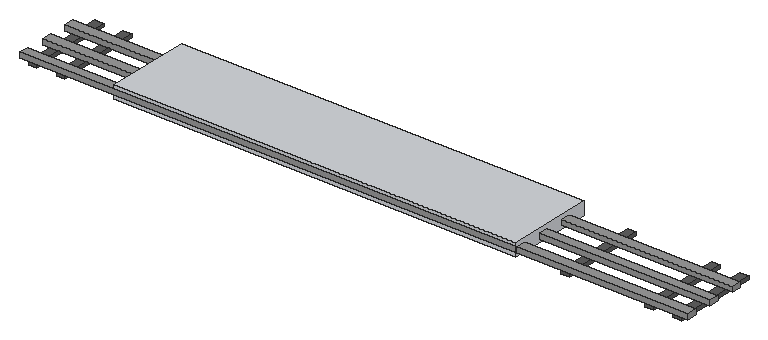
Revit family "2112-3, Veneer", category Generic Models, host Face, Revit 2020
Family settings
  Host = Face
  Can host rebar = No
  Round Connector Dimension = Use Diameter
  Part Type = Normal
  Cut with Voids When Loaded = No
  Shared = No
  Room Calculation Point = No
Parameters
  min_value [instance] = 1' - 11 1/4"  # constant formula
  max_value [instance] = 9' - 11 1/4"  # constant formula
  actual_value [instance] = if(NET LENGTH < min_value, min_value, if(NET LENGTH > max_value, max_value, NET LENGTH))  # 7' - 11 1/4"
  NET LENGTH [instance] = 7' - 11 1/4"
  Default Elevation = 4' - 0"
  BACKER MATERIAL [instance] = BLACK-BACKERS
  .. MEMBER WIDTH [instance] = 0' - 1 3/8"  # constant formula
  .. MEMBER MATERIAL [instance] = Veneer Cherry
  .. MEMBER LENGTH [instance] = actual_value  # 7' - 11 1/4"
  .. MEMBER DEPTH [instance] = 0' - 0 3/4"  # constant formula
  .. MEMBER COUNT [instance] = 3  # constant formula
  IMPORTANT NOTE!!!                                                                             *Backer layout is for visualization purposes only, final layout to be determined by 9Wood. [instance] = ""
Reference planes (in)
  plane 1 "Center (Front/Back)": y = 0
  plane 2: z = 1.82209
  plane 3 "Center (Left/Right)": x = 0
Forms (in)
  Extrusion 1, solid
    sketch origin (132, -33.80483, 0) x (1, 0, 0) y (0, 1, 0)
      loop
        line (-118.625, 33.80483) -> (-61.26146, 33.80483) -> (-61.26146, 45.86733) -> (-118.625, 45.86733) -> (-118.625, 33.80483)
    from 1.82209 to 0
Dimensions and locks (in)
  aligned and locked: Extrusion 1 to plane 2
  aligned and locked: plane 3 "Center (Left/Right)" to nested 1
Nested families (in)
  nested 1: "1100 SERIES CONFIG" at (0, 2, 0), .. MEMBER DEPTH <- ".. MEMBER DEPTH", .. MEMBER LENGTH <- ".. MEMBER LENGTH", .. MEMBER WIDTH <- ".. MEMBER WIDTH", .. MEMBER MATERIAL <- ".. MEMBER MATERIAL", BACKING M MATERIAL <- "BACKER MATERIAL", .. MEMBER COUNT <- ".. MEMBER COUNT", type "1100 SERIES CONFIG"
    with X 7' - 8", SCRIM OVERHANG 2 0' - 0 3/32", SCRIM OVERHANG 0' - 0 7/8", SCRIM LENGTH 8' - 1", SCRIM  MATERIAL SCRIM, SCRIM no, NOMINAL LENGTH 7, N 8, Inset 6' - 0 3/8", INSET 0' - 1", INDEX 0' - 5 5/8", HALF MEMBER WIDTH 0' - 0 11/16", HALF LENGTH 3' - 11 5/8", END BACKER yes, BACKING M WIDTH 0' - 1 1/4", BACKING M OC SPACING 1' - 0", BACKING M MATERIAL BLACK-BACKERS, BACKING M LENGTH 0' - 11 7/8", BACKING M DEPTH 0' - 0 1/2", BACKING M COUNT 8, 3/16" INSET 0' - 0 3/16", .. MEMBER WIDTH 0' - 1 3/8", .. MEMBER OC SPACING 0' - 4", .. MEMBER MATERIAL Veneer Cherry, .. MEMBER LENGTH 7' - 11 1/4", .. MEMBER DEPTH 0' - 0 3/4", .. MEMBER COUNT 3
Definition of nested family "1100 SERIES CONFIG"
  Parameters (values of type "1100 SERIES CONFIG")
    X [instance] = .. MEMBER LENGTH - 0' 3 1/4"  # 5' - 5"
    SCRIM OVERHANG 2 [instance] = 0' - 0 3/32"  # constant formula
    SCRIM OVERHANG [instance] = 0' - 0 7/8"  # constant formula
    SCRIM LENGTH [instance] = .. MEMBER LENGTH + (SCRIM OVERHANG * 2)  # 5' - 10"
    SCRIM  MATERIAL [instance] = none
    SCRIM [instance] = yes
    NOMINAL LENGTH [instance] = 7
    N [instance] = if((X - (rounddown(X / 1' 0") * 1' 0")) > 1' 0", rounddown(X / 1' 0") + 2, rounddown(X / 1' 0") + 1)  # 6
    Inset [instance] = 6' - 0 3/8"  # constant formula
    INSET [instance] = 0' - 1"  # constant formula
    END BACKER [instance] = INDEX > 0' 3 5/8"  # yes
    INDEX [instance] = (.. MEMBER LENGTH - ((N - 1) * 1' 0")) / 2  # 0' - 4 1/8"
    HALF MEMBER WIDTH [instance] = .. MEMBER WIDTH / 2  # 0' - 0 5/16"
    HALF LENGTH [instance] = .. MEMBER LENGTH / 2  # 2' - 10 1/8"
    Default Elevation = 0' - 0"
    BACKING M WIDTH [instance] = 0' - 1 1/4"
    BACKING M SPACING = 3' - 3"
    BACKING M MATERIAL [instance] = none
    BACKING M LENGTH [instance] = 0' - 11 7/8"
    BACKING M DEPTH [instance] = 0' - 0 1/2"
    BACKING M COUNT [instance] = N  # 6
    BACKING M OC SPACING [instance] = 1' - 0"  # constant formula
    3/16" INSET [instance] = 0' - 0 3/16"  # constant formula
    .. MEMBER WIDTH [instance] = 0' - 0 5/8"
    .. MEMBER OC SPACING [instance] = 1' 0" / .. MEMBER COUNT  # 0' - 4"
    .. MEMBER MATERIAL [instance] = none
    .. MEMBER LENGTH [instance] = 5' - 8 1/4"
    .. MEMBER DEPTH [instance] = 0' - 1 3/8"
    .. MEMBER COUNT [instance] = 3
  Reference planes (in)
    plane 1 "Center (Front/Back)": y = -2
    plane 2: z = 0
    plane 3 "Center (Left/Right)": x = 0
    plane 4: x = 1
    plane 5: x = 4.125
    plane 6: x = 34.125
    plane 7: x = 68.25
    plane 8: x = 67.25
    plane 9: x = 16.125
    plane 10: y = -1.8125
    plane 11: y = -1.6875
    plane 12: y = 2.3125
    plane 13: x = 69.125
    plane 14: x = -0.875
    plane 15: z = 0.5
    plane 16: z = 0.5625
    plane 17: y = 10.0625
    plane 18: y = 10.15625
    plane 19: y = -2.09375
  Dimensions and locks (in)
    "INSET": plane 3 "Center (Left/Right)" to plane 4
    "INDEX": plane 3 "Center (Left/Right)" to plane 5
    "HALF LENGTH": plane 3 "Center (Left/Right)" to plane 6
    ".. MEMBER LENGTH": plane 3 "Center (Left/Right)" to plane 7
    "INSET": plane 8 to plane 7
    equal spacing: group 2, group 3, group 6, group 7, group 8, group 9  (x3)
    "3/16" INSET": plane 1 "Center (Front/Back)" to plane 10
    ".. MEMBER OC SPACING": plane 12 to plane 11
    "SCRIM OVERHANG": plane 14 to plane 3 "Center (Left/Right)"
    "SCRIM OVERHANG": plane 7 to plane 13
    equal spacing: group 1, group 4, group 5  (x2)
    equal spacing: group 5, group 4, group 1
    "HALF MEMBER WIDTH": plane 1 "Center (Front/Back)" to plane 11
    "BACKING M OC SPACING": plane 5 to plane 9
    "SCRIM OVERHANG 2": plane 18 to plane 17
    "SCRIM OVERHANG 2": plane 19 to plane 1 "Center (Front/Back)"
    aligned and locked: level to plane 2
    aligned and locked: plane 6 to nested 1
    aligned and locked: nested 2 to plane 4
    aligned and locked: plane 5 to nested 3
    aligned and locked: plane 1 "Center (Front/Back)" to nested 1
    aligned and locked: nested 2 to plane 10
    aligned and locked: nested 3 to plane 10
    aligned and locked: nested 5 to plane 10
    aligned and locked: nested 4 to plane 10
    aligned and locked: nested 6 to plane 14
    aligned and locked: plane 12 to nested 7
    aligned and locked: nested 7 to plane 3 "Center (Left/Right)"
    aligned and locked: plane 9 to nested 5
    aligned and locked: plane 8 to nested 4
    aligned and locked: plane 15 to nested 2
    aligned and locked: nested 6 to plane 15
    aligned and locked: nested 1 to plane 16
    aligned and locked: nested 7 to plane 16
    aligned and locked: nested 6 to plane 19
  Nested families (in)
    nested 1: "INSTANCE - Parametric Cube" at (34.125, -1.6875, 1.9375), Length <- ".. MEMBER WIDTH", Height <- ".. MEMBER DEPTH", Width <- ".. MEMBER LENGTH", Material <- ".. MEMBER MATERIAL", type "INSTANCE - Parametric Cube"
      with Width 5' - 8 1/4", Material none, Length 0' - 0 5/8", Height 0' - 1 3/8"
    nested 2: "2ND INSTANCE - Parametric Cube" at (1.625, 4.125, 0), Height <- "BACKING M DEPTH", Length <- "BACKING M LENGTH", Width <- "BACKING M WIDTH", Material <- "BACKING M MATERIAL", visible <- "END BACKER", type "2ND INSTANCE - Parametric Cube"
      with Width 0' - 1 1/4", Material none, Length 0' - 11 7/8", Height 0' - 0 1/2"
    nested 3: "2ND INSTANCE - Parametric Cube" at (4.125, 4.125, 0), Length <- "BACKING M LENGTH", Height <- "BACKING M DEPTH", Width <- "BACKING M WIDTH", Material <- "BACKING M MATERIAL", type "2ND INSTANCE - Parametric Cube"
      with Width 0' - 1 1/4", Material none, Length 0' - 11 7/8", Height 0' - 0 1/2"
    nested 4: "2ND INSTANCE - Parametric Cube" at (66.625, 4.125, 0), Width <- "BACKING M WIDTH", Length <- "BACKING M LENGTH", Height <- "BACKING M DEPTH", Material <- "BACKING M MATERIAL", visible <- "END BACKER", type "2ND INSTANCE - Parametric Cube"
      with Width 0' - 1 1/4", Material none, Length 0' - 11 7/8", Height 0' - 0 1/2"
    nested 5: "2ND INSTANCE - Parametric Cube" at (16.125, 4.125, 0), Length <- "BACKING M LENGTH", Height <- "BACKING M DEPTH", Width <- "BACKING M WIDTH", Material <- "BACKING M MATERIAL", type "2ND INSTANCE - Parametric Cube"
      with Width 0' - 1 1/4", Material none, Length 0' - 11 7/8", Height 0' - 0 1/2"
    nested 6: "3RD INSTANCE - Parametric Cube" at (34.125, 4.0445, 0.5), Width <- "SCRIM LENGTH", Material <- "SCRIM  MATERIAL", visible <- "SCRIM", type "3RD INSTANCE - Parametric Cube"
      with Width 5' - 10", Material none, Length 1' - 0.27649", Height 0' - 0 1/16"
    nested 7: "INSTANCE - Parametric Cube" at (34.125, 2.3125, 1.9375), Length <- ".. MEMBER WIDTH", Height <- ".. MEMBER DEPTH", Width <- ".. MEMBER LENGTH", Material <- ".. MEMBER MATERIAL", type "INSTANCE - Parametric Cube"
      with Width 5' - 8 1/4", Material none, Length 0' - 0 5/8", Height 0' - 1 3/8"
    nested 8: "INSTANCE - Parametric Cube" at (34.125, 6.3125, 1.9375), Length <- ".. MEMBER WIDTH", Height <- ".. MEMBER DEPTH", Width <- ".. MEMBER LENGTH", Material <- ".. MEMBER MATERIAL", type "INSTANCE - Parametric Cube"
      with Width 5' - 8 1/4", Material none, Length 0' - 0 5/8", Height 0' - 1 3/8"
    nested 9: "2ND INSTANCE - Parametric Cube" at (28.125, 4.125, 0), Length <- "BACKING M LENGTH", Height <- "BACKING M DEPTH", Width <- "BACKING M WIDTH", Material <- "BACKING M MATERIAL", type "2ND INSTANCE - Parametric Cube"
      with Width 0' - 1 1/4", Material none, Length 0' - 11 7/8", Height 0' - 0 1/2"
    nested 10: "2ND INSTANCE - Parametric Cube" at (40.125, 4.125, 0), Length <- "BACKING M LENGTH", Height <- "BACKING M DEPTH", Width <- "BACKING M WIDTH", Material <- "BACKING M MATERIAL", type "2ND INSTANCE - Parametric Cube"
      with Width 0' - 1 1/4", Material none, Length 0' - 11 7/8", Height 0' - 0 1/2"
    nested 11: "2ND INSTANCE - Parametric Cube" at (52.125, 4.125, 0), Length <- "BACKING M LENGTH", Height <- "BACKING M DEPTH", Width <- "BACKING M WIDTH", Material <- "BACKING M MATERIAL", type "2ND INSTANCE - Parametric Cube"
      with Width 0' - 1 1/4", Material none, Length 0' - 11 7/8", Height 0' - 0 1/2"
    nested 12: "2ND INSTANCE - Parametric Cube" at (64.125, 4.125, 0), Length <- "BACKING M LENGTH", Height <- "BACKING M DEPTH", Width <- "BACKING M WIDTH", Material <- "BACKING M MATERIAL", type "2ND INSTANCE - Parametric Cube"
      with Width 0' - 1 1/4", Material none, Length 0' - 11 7/8", Height 0' - 0 1/2"
  Definition of nested family "INSTANCE - Parametric Cube"
    Parameters (values of type "INSTANCE - Parametric Cube")
      Width [instance] = 0' - 6"
      Material [instance] = none
      Length [instance] = 1' - 0"
      Height [instance] = 1' - 6"
      Default Elevation = 0' - 0"
    Reference planes (in)
      plane 1 "Center (Front/Back)": y = 0
      plane 2: z = 0
      plane 3 "Center (Left/Right)": x = 0
      plane 4: x = -3
      plane 5: x = 3
      plane 6: y = 6
      plane 7: y = -6
      plane 8: z = -18
    Forms (in)
      Extrusion 1, solid, material <- "Material"
        sketch origin (0, 0, 0) x (1, 0, 0) y (0, 1, 0)
          loop
            line (-3, 6) -> (-3, -6) -> (3, -6) -> (3, 6) -> (-3, 6)
        from -18 to 0
    Dimensions and locks (in)
      equal spacing: plane 4, plane 3 "Center (Left/Right)", plane 5
      equal spacing: plane 6, plane 1 "Center (Front/Back)", plane 7
      "Length": plane 6 to plane 7
      "Width": plane 4 to plane 5
      "Height": plane 8 to level
      aligned and locked: plane 2 to level
      aligned and locked: Extrusion 1 sketch curve to plane 6
      aligned and locked: plane 4 to Extrusion 1 sketch curve
      aligned and locked: plane 7 to Extrusion 1 sketch curve
      aligned and locked: Extrusion 1 sketch curve to plane 5
      aligned and locked: Extrusion 1 to plane 8
  Definition of nested family "2ND INSTANCE - Parametric Cube"
    Parameters (values of type "2ND INSTANCE - Parametric Cube")
      Width [instance] = 0' - 6"
      Material [instance] = none
      Length [instance] = 1' - 0"
      Height [instance] = 1' - 6"
      Default Elevation = 0' - 0"
    Reference planes (in)
      plane 1 "Center (Front/Back)": y = 0
      plane 2: z = 0
      plane 3 "Center (Left/Right)": x = 0
      plane 4: x = -3
      plane 5: x = 3
      plane 6: y = 6
      plane 7: y = -6
      plane 8: z = 18
    Forms (in)
      Extrusion 1, solid, material <- "Material"
        sketch origin (0, 0, 0) x (1, 0, 0) y (0, 1, 0)
          loop
            line (-3, 6) -> (-3, -6) -> (3, -6) -> (3, 6) -> (-3, 6)
        from 0 to 18
    Dimensions and locks (in)
      equal spacing: plane 4, plane 3 "Center (Left/Right)", plane 5
      equal spacing: plane 6, plane 1 "Center (Front/Back)", plane 7
      "Length": plane 6 to plane 7
      "Width": plane 4 to plane 5
      "Height": level to plane 8
      aligned and locked: plane 2 to level
      aligned and locked: Extrusion 1 sketch curve to plane 6
      aligned and locked: plane 4 to Extrusion 1 sketch curve
      aligned and locked: plane 7 to Extrusion 1 sketch curve
      aligned and locked: Extrusion 1 sketch curve to plane 5
      aligned and locked: plane 8 to Extrusion 1
      aligned and locked: Extrusion 1 to level
  Definition of nested family "3RD INSTANCE - Parametric Cube"
    Parameters (values of type "3RD INSTANCE - Parametric Cube")
      Width [instance] = 0' - 6"
      Material [instance] = none
      Length [instance] = 1' - 0"
      Height [instance] = 1' - 6"
      Default Elevation = 0' - 0"
    Reference planes (in)
      plane 1 "Center (Front/Back)": y = 0
      plane 2: z = 0
      plane 3 "Center (Left/Right)": x = 0
      plane 4: x = -3
      plane 5: x = 3
      plane 6: y = 6
      plane 7: y = -6
      plane 8: z = 18
    Forms (in)
      Extrusion 1, solid, material <- "Material"
        sketch origin (0, 0, 0) x (1, 0, 0) y (0, 1, 0)
          loop
            line (-3, 6) -> (-3, -6) -> (3, -6) -> (3, 6) -> (-3, 6)
        from 0 to 18
    Dimensions and locks (in)
      equal spacing: plane 4, plane 3 "Center (Left/Right)", plane 5
      equal spacing: plane 6, plane 1 "Center (Front/Back)", plane 7
      "Length": plane 6 to plane 7
      "Width": plane 4 to plane 5
      "Height": level to plane 8
      aligned and locked: plane 2 to level
      aligned and locked: Extrusion 1 sketch curve to plane 6
      aligned and locked: plane 4 to Extrusion 1 sketch curve
      aligned and locked: plane 7 to Extrusion 1 sketch curve
      aligned and locked: Extrusion 1 sketch curve to plane 5
      aligned and locked: plane 8 to Extrusion 1
      aligned and locked: Extrusion 1 to level
